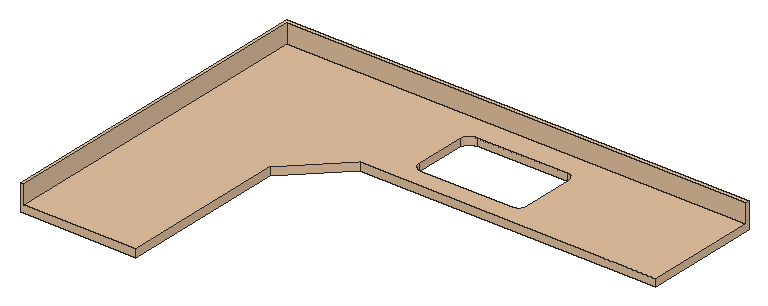
Revit family "M_Topo da bancada-Forma L com buraco de escoamento 2", category Componentes de gabinete, Revit 2019
Family settings
  Número OmniClass = 23.40.35.17.47.11
  Título OmniClass = Kitchen Casework
  ID de item do Seek = Counter Top-L Shaped w Sink Hole 2-0000-CAN-ENU
  Com base no plano de trabalho = Não
  Sempre na vertical = Sim
  Corte com vazios quando carregada = Não
  Compartilhado = Sim
  Ponto de cálculo do ambiente = Não
Parameters (values of type "Profundidade 600 mm")
  Espessura da bancada = 40 mm
  Material do topo da bancada = none
  Linear = 625 mm
  Altura = 900 mm
  Comprimento - Perna 1 [instance] = 2500 mm
  Comprimento- Perna 2 [instance] = 1800 mm
  Localização da pia [instance] = 1100 mm
  Localização da pia em relação a parede [instance] = 150 mm
  Profundidade de abertura da pia [instance] = 378 mm
  Largura da abertura da pia [instance] = 587 mm
Reference planes
  plane 1 "Parte posterior": y = 0
  plane 2: z = 0
  plane 3 "Esquerda": x = -1200.462
  plane 4 "Direita": x = 1299.538
  plane 5 "Parte frontal": y = -625
  plane 6 "Superior": z = 900
  plane 7 "Topo do armário": z = 860
  plane 8: y = -19.05
  plane 9: z = 1001.6
  plane 10: x = -575.462
  plane 11: y = -1800
  plane 12: x = -1181.412
  plane 13: x = -305.462
  plane 14: y = -895
  plane 15: x = -100.462
  plane 16: x = 486.538
  plane 17: y = -150
  plane 18: y = -528
Forms (mm)
  Extrusion 1, solid, material <- "Material do topo da bancada"
    sketch origin (0, 0, 0) x (1, 0, 0) y (0, 1, 0)
      loop
        line (-1200.462, 0) -> (-1200.462, -1800) -> (-575.462, -1800) -> (-575.462, -895) -> (-305.462, -625) -> (1299.538, -625) -> (1299.538, 0) -> (-1200.462, 0)
      loop
        arc (-50.462, -150) -> (-85.818, -164.645) -> (-100.462, -200) r 50
        line (-100.462, -200) -> (-100.462, -478)
        arc (-100.462, -478) -> (-85.818, -513.355) -> (-50.462, -528) r 50
        line (-50.462, -528) -> (436.538, -528)
        arc (436.538, -528) -> (471.893, -513.355) -> (486.538, -478) r 50
        line (486.538, -478) -> (486.538, -200)
        arc (486.538, -200) -> (471.893, -164.645) -> (436.538, -150) r 50
        line (436.538, -150) -> (-50.462, -150)
    from 860 to 900
  Extrusion 2, solid, material <- "Material do topo da bancada"
    sketch origin (0, 0, 0) x (1, 0, 0) y (0, 1, 0)
      loop
        line (1299.538, 0) -> (-1200.462, 0) -> (-1200.462, -19.05) -> (1299.538, -19.05) -> (1299.538, 0)
    from 900 to 1001.6
  Extrusion 3, solid, material <- "Material do topo da bancada"
    sketch origin (0, 0, 0) x (1, 0, 0) y (0, 1, 0)
      loop
        line (-1200.462, -19.05) -> (-1200.462, -1800) -> (-1181.412, -1800) -> (-1181.412, -19.05) -> (-1200.462, -19.05)
    from 900 to 1001.6
Cuts and joins
  joined: Extrusion 1, Extrusion 2, Extrusion 3
Lines and regions (mm)
  Masking region 1
    outline origin (0, 0, 860) x (0, -1, 0) y (1, 0, 0)
      loop
        line (0, -1200.462) -> (1800, -1200.462) -> (1800, -575.462) -> (895, -575.462) -> (625, -305.462) -> (625, 1299.538) -> (0, 1299.538) -> (0, -1200.462)
  symbolic lines, style "Topo da bancada"
    curve 1: line (-1181.412, -19.05, 860) -> (1299.538, -19.05, 860)
    curve 2: line (-1181.412, -1800, 860) -> (-1181.412, -19.05, 860)
  symbolic lines, style "Abertura da pia"
    curve 3: line (-50.462, -150, 860) -> (436.538, -150, 860)
    curve 4: line (436.538, -528, 860) -> (-50.462, -528, 860)
    curve 5: line (486.538, -200, 860) -> (486.538, -478, 860)
    curve 6: line (-100.462, -478, 860) -> (-100.462, -200, 860)
    curve 7: arc (-100.462, -200, 860) -> (-85.818, -164.645, 860) -> (-50.462, -150, 860) r 50
    curve 8: arc (436.538, -150, 860) -> (471.893, -164.645, 860) -> (486.538, -200, 860) r 50
    curve 9: arc (486.538, -478, 860) -> (471.893, -513.355, 860) -> (436.538, -528, 860) r 50
    curve 10: arc (-50.462, -528, 860) -> (-85.818, -513.355, 860) -> (-100.462, -478, 860) r 50
Dimensions and locks
  "Linear": plane 5 "Parte frontal" to plane 1 "Parte posterior"
  "Comprimento - Perna 1": plane 3 "Esquerda" to plane 4 "Direita"
  "Altura": level to plane 6 "Superior"
  "Espessura da bancada": plane 7 "Topo do armário" to plane 6 "Superior"
  locked: plane 8 to plane 1 "Parte posterior" at 19.05
  plane 6 "Superior" to plane 9 = 101.6 mm
  "Linear": plane 3 "Esquerda" to plane 10
  "Comprimento- Perna 2": plane 11 to plane 1 "Parte posterior"
  locked: plane 3 "Esquerda" to plane 12 at 19.05
  locked: plane 14 to plane 5 "Parte frontal" at 270
  locked: plane 10 to plane 13 at 270
  "Localização da pia em relação a parede": plane 17 to plane 1 "Parte posterior"
  "Profundidade de abertura da pia": plane 17 to plane 18
  "Localização da pia": plane 3 "Esquerda" to plane 15
  "Largura da abertura da pia": plane 15 to plane 16
  aligned and locked: plane 1 "Parte posterior" to Extrusion 1 sketch curve
  aligned and locked: plane 4 "Direita" to Extrusion 1 sketch curve
  aligned and locked: Extrusion 1 sketch curve to plane 5 "Parte frontal"
  aligned and locked: Extrusion 1 sketch curve to plane 3 "Esquerda"
  aligned and locked: Extrusion 1 to plane 6 "Superior"
  aligned and locked: Extrusion 1 to plane 7 "Topo do armário"
  aligned and locked: Extrusion 2 sketch curve to plane 1 "Parte posterior"
  aligned and locked: plane 8 to Extrusion 2 sketch curve
  aligned and locked: Extrusion 2 sketch curve to plane 4 "Direita"
  aligned and locked: plane 3 "Esquerda" to Extrusion 2 sketch curve
  aligned and locked: Extrusion 2 to plane 9
  aligned and locked: plane 6 "Superior" to Extrusion 2
  aligned and locked: plane 10 to Extrusion 1 sketch curve
  aligned and locked: plane 11 to Extrusion 1 sketch curve
  aligned and locked: plane 12 to Extrusion 3 sketch curve
  aligned and locked: Extrusion 3 to plane 8
  aligned and locked: plane 3 "Esquerda" to Extrusion 3
  aligned and locked: Extrusion 3 to plane 9
  aligned and locked: plane 6 "Superior" to Extrusion 3
  aligned and locked: Extrusion 1 sketch curve to plane 17
  aligned and locked: Extrusion 1 sketch curve to plane 18
  aligned and locked: Extrusion 1 sketch curve to plane 16
  aligned and locked: Extrusion 1 sketch curve to plane 15
  aligned and locked: plane 4 "Direita" to Masking region 1 sketch curve
  aligned and locked: Masking region 1 sketch curve to plane 3 "Esquerda"
  aligned and locked: plane 1 "Parte posterior" to Masking region 1 sketch curve
  aligned and locked: plane 5 "Parte frontal" to Masking region 1 sketch curve
  aligned and locked: Masking region 1 sketch curve to plane 10
  aligned and locked: Masking region 1 sketch curve to cut or joined group of Extrusion 1, Extrusion 2, Extrusion 3
Automatic sketch dimensions
  plane 3 "Esquerda" to Extrusion 3 sketch curve = 0 mm
  plane 11 to Extrusion 3 sketch curve = 0 mm
  plane 1 "Parte posterior" to Extrusion 3 sketch curve = 19.05 mm
  Extrusion 1 sketch curve to plane 13 = 0 mm
  Extrusion 1 sketch curve to plane 14 = 0 mm
  plane 15 to Extrusion 1 sketch curve = 50 mm  (x2)
  Extrusion 1 sketch curve to plane 16 = 50 mm
  Extrusion 1 sketch curve to Extrusion 1 sketch curve = 50 mm
  curve 1 to plane 4 "Direita" = 0 mm
  curve 1 to plane 8 = 0 mm
  curve 2 to plane 11 = 0 mm
  curve 1 to plane 3 "Esquerda" = 19.05 mm
  plane 8 to curve 8 = 130.95 mm
  curve 3 to curve 5 = 50 mm
  curve 7 to curve 7 = 50 mm
  curve 6 to plane 5 "Parte frontal" = 147 mm
  curve 10 to curve 4 = 50 mm
  curve 7 to plane 13 = 205 mm
  curve 10 to curve 9 = 487 mm
  curve 3 to curve 9 = 0 mm
  plane 11 to Masking region 1 sketch curve = 0 mm
